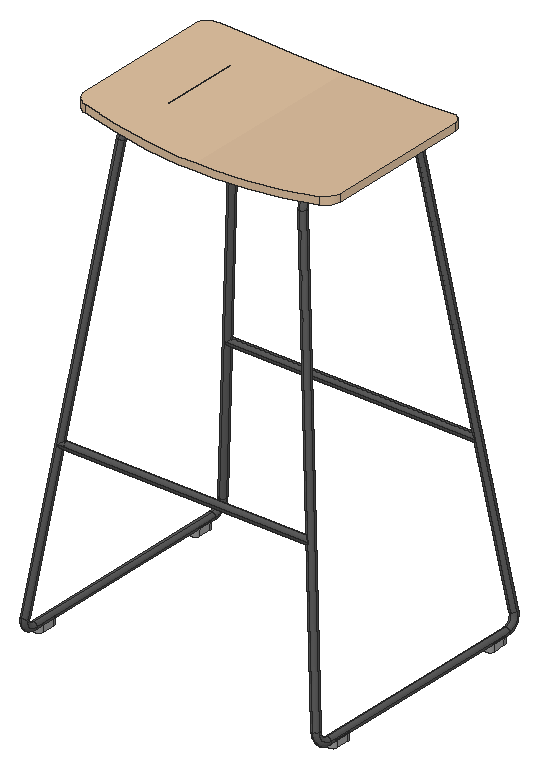
Revit family "FU_Stool_Sandler_Tao 3-0", category Furniture, Revit 2020
Family settings
  OmniClass Number = 23.40.20.00
  OmniClass Title = General Furniture and Specialties
  Work Plane-Based = No
  Always vertical = Yes
  Cut with Voids When Loaded = No
  Shared = No
  Room Calculation Point = No
Parameters (values of type "Tao 3.0")
  Width = 500 mm
  URL = "https://www.sandlerseating.com/product/tao-3-0/"
  Seat [instance] = Wood - Oak - Natural - V
  Model = "Tao 3.0"
  Manufacturer = "Sandler"
  Height = 780 mm
  Frame [instance] = Epoxy - M1_B00 - Black
  Description = "Barstool with steel frame finished in lacquer or chrome, and concave seat in lacquered or stained beech, or solid oak."
  Depth = 420 mm
  Default Elevation = 0 mm
Reference planes
  plane 1 "Center (Front/Back)": y = 0
  plane 2: z = 0
  plane 3 "Center (Left/Right)": x = 0
  plane 4 "Right": x = -250
  plane 5 "Left": x = 250
  plane 6 "Back": y = 210
  plane 7 "Front": y = -210
  plane 8 "Height": z = 780
  plane 9 "Frame C Base": z = 12.098
  plane 10 "FL C FRONT": through (242.5, -1524, 12.098) normal (-0.9919, 0, -0.1272)
  plane 11 "Seat Base": z = 753.407
  plane 12 "BS C TOP": y = 172.622
  plane 13 "FS C TOP": y = -172.622
Forms (mm)
  Sweep 1, solid, material "Wood - Oak - Natural - V" <- "Seat"
    path origin (0, 0, 753.407) x (-1, 0, 0) y (0, -1, 0)
      loop
        line (0, 165) -> (0, -165)
    profile "Pro_Tao_Seat : Pro_Tao_Seat" origin (0, 0, 753.407) x (-1, 0, 0) y (0, 0, 1)
      loop
        line (-231.362, 30.582) -> (-231.362, 18.333)
        arc (-231.362, 18.333) -> (0, 0) -> (231.362, 18.334) r 1469.024
        line (231.362, 18.334) -> (231.362, 30.582)
        arc (231.362, 30.582) -> (0, 12.103) -> (-231.362, 30.582) r 1457.593
  Sweep 2, solid, material "Epoxy - M1_B00 - Black" <- "Frame"
    path origin (240.105, 0, 30.78) x (0.127155, 0, -0.991883) y (0, -1, 0)
      loop
        arc (18.812, 183.962) -> (12.073, 198.933) -> (-3.601, 203.816) r 20
        line (-3.601, 203.816) -> (-710.933, 117.844)
        arc (-710.933, 117.844) -> (-723.491, 111.252) -> (-728.52, 97.99) r 20
        line (-728.52, 97.99) -> (-728.52, -97.99)
        arc (-728.52, -97.99) -> (-723.491, -111.252) -> (-710.933, -117.844) r 20
        line (-710.933, -117.844) -> (-3.601, -203.816)
        arc (-3.601, -203.816) -> (12.073, -198.933) -> (18.812, -183.962) r 20
        line (18.812, -183.962) -> (18.812, 183.962)
    profile "Pro_Circles : 12mm" origin (242.497, 0, 12.121) x (0.127155, 0, -0.991883) y (-0.991883, 0, -0.127155)
      loop
        arc (-5.967, 0.067) -> (-4.287, -4.192) -> (-0.067, -5.967) r 5.901
        arc (-0.067, -5.967) -> (4.24, -4.24) -> (5.967, 0.067) r 5.902
        arc (5.967, 0.067) -> (4.192, 4.286) -> (-0.067, 5.967) r 5.901
        arc (-0.067, 5.967) -> (-4.238, 4.238) -> (-5.967, 0.067) r 5.9
  Sweep 3, solid, material "Epoxy - M1_B00 - Black" <- "Frame"
    path origin (-240.105, 0, 30.78) x (-0.127155, 0, -0.991883) y (0, 1, 0)
      loop
        line (18.812, -183.962) -> (18.812, 183.962)
        arc (18.812, 183.962) -> (12.073, 198.933) -> (-3.601, 203.816) r 20
        line (-3.601, 203.816) -> (-710.933, 117.844)
        arc (-710.933, 117.844) -> (-723.491, 111.252) -> (-728.52, 97.99) r 20
        line (-728.52, 97.99) -> (-728.52, -97.99)
        arc (-728.52, -97.99) -> (-723.491, -111.252) -> (-710.933, -117.844) r 20
        line (-710.933, -117.844) -> (-3.601, -203.816)
        arc (-3.601, -203.816) -> (12.073, -198.933) -> (18.812, -183.962) r 20
    profile "Pro_Circles : 12mm" origin (-242.497, 0, 12.121) x (0.127155, 0, 0.991883) y (0.991883, 0, -0.127155)
      loop
        arc (5.967, 0.067) -> (4.238, 4.238) -> (0.067, 5.967) r 5.9
        arc (0.067, 5.967) -> (-4.192, 4.286) -> (-5.967, 0.067) r 5.901
        arc (-5.967, 0.067) -> (-4.24, -4.24) -> (0.067, -5.967) r 5.902
        arc (0.067, -5.967) -> (4.287, -4.192) -> (5.967, 0.067) r 5.901
  Sweep 4, solid, material "Epoxy - M1_B00 - Black" <- "Frame"
    path origin (0, -172.622, 0) x (-1, 0, 0) y (0, 0, 1)
      loop
        line (-206, 289.461) -> (206, 289.461)
    profile "Pro_Circles : 12mm" origin (0, -172.622, 289.461) x (0, 0, -1) y (0, -1, 0)
      loop
        arc (-5.967, 0.067) -> (-4.287, -4.192) -> (-0.067, -5.967) r 5.901
        arc (-0.067, -5.967) -> (4.24, -4.24) -> (5.967, 0.067) r 5.902
        arc (5.967, 0.067) -> (4.192, 4.286) -> (-0.067, 5.967) r 5.901
        arc (-0.067, 5.967) -> (-4.238, 4.238) -> (-5.967, 0.067) r 5.9
  Sweep 5, solid, material "Epoxy - M1_B00 - Black" <- "Frame"
    path origin (0, 172.622, 0) x (-1, 0, 0) y (0, 0, 1)
      loop
        line (-206, 289.461) -> (206, 289.461)
    profile "Pro_Circles : 12mm" origin (0, 172.622, 289.461) x (0, 0, 1) y (0, 1, 0)
      loop
        arc (5.967, 0.067) -> (4.238, 4.238) -> (0.067, 5.967) r 5.9
        arc (0.067, 5.967) -> (-4.192, 4.286) -> (-5.967, 0.067) r 5.901
        arc (-5.967, 0.067) -> (-4.24, -4.24) -> (0.067, -5.967) r 5.902
        arc (0.067, -5.967) -> (4.287, -4.192) -> (5.967, 0.067) r 5.901
  Extrusion 6, void
    sketch origin (0, 0, 753.407) x (-1, 0, 0) y (0, -1, 0)
      loop
        arc (211.834, 118.431) -> (205.547, 131.753) -> (192.38, 138.358) r 22.57
        arc (192.38, 138.358) -> (0, 151.127) -> (-192.38, 138.358) r 1455.607
        arc (-192.38, 138.358) -> (-205.547, 131.753) -> (-211.834, 118.431) r 22.57
        line (-211.834, 118.431) -> (-211.834, -118.431)
        arc (-211.834, -118.431) -> (-205.547, -131.753) -> (-192.38, -138.358) r 22.57
        arc (-192.38, -138.358) -> (0, -151.127) -> (192.38, -138.358) r 1455.607
        arc (192.38, -138.358) -> (205.547, -131.753) -> (211.834, -118.431) r 22.57
        line (211.834, -118.431) -> (211.834, 118.431)
      loop
        line (250, -210) -> (250, 210) -> (-250, 210) -> (-250, -210) -> (250, -210)
    from -5 to 40
  Extrusion 7, solid, material "Rubber, Black"
    sketch origin (0, 0, 0) x (1, 0, 0) y (0, 1, 0)
      loop
        arc (-235, -151.025) -> (-242.5, -143.525) -> (-250, -151.025) r 7.5
        line (-250, -151.025) -> (-250, -171.39)
        arc (-250, -171.39) -> (-242.5, -178.89) -> (-235, -171.39) r 7.5
        line (-235, -171.39) -> (-235, -151.025)
    from 0 to 12
  Extrusion 8, solid, material "Rubber, Black"
    sketch origin (0, 0, 0) x (-1, 0, 0) y (0, -1, 0)
      loop
        line (-235, 151.025) -> (-235, 171.39)
        arc (-235, 171.39) -> (-242.5, 178.89) -> (-250, 171.39) r 7.5
        line (-250, 171.39) -> (-250, 151.025)
        arc (-250, 151.025) -> (-242.5, 143.525) -> (-235, 151.025) r 7.5
    from 0 to 12
  Extrusion 9, solid, material "Rubber, Black"
    sketch origin (0, 0, 0) x (1, 0, 0) y (0, 1, 0)
      loop
        line (-235, 151.025) -> (-235, 171.39)
        arc (-235, 171.39) -> (-242.5, 178.89) -> (-250, 171.39) r 7.5
        line (-250, 171.39) -> (-250, 151.025)
        arc (-250, 151.025) -> (-242.5, 143.525) -> (-235, 151.025) r 7.5
    from 0 to 12
  Extrusion 10, solid, material "Rubber, Black"
    sketch origin (0, 0, 0) x (-1, 0, 0) y (0, -1, 0)
      loop
        arc (-235, -151.025) -> (-242.5, -143.525) -> (-250, -151.025) r 7.5
        line (-250, -151.025) -> (-250, -171.39)
        arc (-250, -171.39) -> (-242.5, -178.89) -> (-235, -171.39) r 7.5
        line (-235, -171.39) -> (-235, -151.025)
    from 0 to 12
Cuts and joins
  Extrusion 6 cuts Sweep 1
Dimensions and locks
  equal spacing: plane 4 "Right", plane 3 "Center (Left/Right)", plane 5 "Left"
  "Width": plane 4 "Right" to plane 5 "Left"
  equal spacing: plane 6 "Back", plane 1 "Center (Front/Back)", plane 7 "Front"
  "Depth": plane 6 "Back" to plane 7 "Front"
  "Height": plane 8 "Height" to level
  plane 9 "Frame C Base" to level = 12.098 mm
  aligned and locked: level to plane 2
Automatic sketch dimensions
  Sweep 1 sketch curve to plane 3 "Center (Left/Right)" = 0 mm
  Sweep 1 sketch curve to plane 12 "BS C TOP" = 7.622 mm
  Sweep 1 sketch curve to plane 13 "FS C TOP" = 7.622 mm
  Sweep 2 sketch curve to plane 12 "BS C TOP" = 74.632 mm
  Sweep 2 sketch curve to plane 13 "FS C TOP" = 54.778 mm
  Sweep 2 sketch curve to Sweep 2 sketch curve = 17.587 mm  (x2)
  Sweep 2 sketch curve to plane 12 "BS C TOP" = 54.778 mm
  Sweep 2 sketch curve to Sweep 2 sketch curve = 20 mm
  plane 7 "Front" to Sweep 2 sketch curve = 6.184 mm
  Sweep 2 sketch curve to Sweep 2 sketch curve = 707.332 mm
  Sweep 2 sketch curve to plane 6 "Back" = 6.184 mm
  Sweep 2 sketch curve to Sweep 2 sketch curve = 0 mm
  Sweep 2 sketch curve to Sweep 2 sketch curve = 2.413 mm  (x2)
  plane 12 "BS C TOP" to Sweep 2 sketch curve = 11.34 mm
  Sweep 3 sketch curve to plane 12 "BS C TOP" = 74.632 mm
  Sweep 3 sketch curve to plane 13 "FS C TOP" = 54.778 mm
  Sweep 3 sketch curve to Sweep 3 sketch curve = 17.587 mm  (x2)
  Sweep 3 sketch curve to plane 12 "BS C TOP" = 54.778 mm
  Sweep 3 sketch curve to Sweep 3 sketch curve = 2.413 mm  (x3)
  plane 7 "Front" to Sweep 3 sketch curve = 6.184 mm
  Sweep 3 sketch curve to Sweep 3 sketch curve = 707.332 mm
  Sweep 3 sketch curve to plane 6 "Back" = 6.184 mm
  Sweep 3 sketch curve to Sweep 3 sketch curve = 0 mm
  plane 12 "BS C TOP" to Sweep 3 sketch curve = 11.34 mm
  Sweep 4 sketch curve to plane 5 "Left" = 44 mm
  plane 4 "Right" to Sweep 4 sketch curve = 44 mm
  Sweep 4 sketch curve to plane 9 "Frame C Base" = 277.364 mm
  plane 5 "Left" to Sweep 5 sketch curve = 44 mm
  Sweep 5 sketch curve to plane 4 "Right" = 44 mm
  plane 9 "Frame C Base" to Sweep 5 sketch curve = 277.364 mm
  Extrusion 6 sketch curve to plane 5 "Left" = 0 mm
  Extrusion 6 sketch curve to plane 3 "Center (Left/Right)" = 0 mm  (x2)
  Extrusion 6 sketch curve to plane 4 "Right" = 0 mm
  Extrusion 6 sketch curve to plane 6 "Back" = 0 mm
  Extrusion 6 sketch curve to plane 7 "Front" = 0 mm
  plane 5 "Left" to Extrusion 6 sketch curve = 38.166 mm
  Extrusion 6 sketch curve to Extrusion 6 sketch curve = 22.437 mm  (x3)
  Extrusion 6 sketch curve to plane 4 "Right" = 60.603 mm  (x2)
  plane 6 "Back" to Extrusion 6 sketch curve = 1094.48 mm
  Extrusion 6 sketch curve to plane 12 "BS C TOP" = 54.191 mm  (x2)
  Extrusion 6 sketch curve to Extrusion 6 sketch curve = 2.445 mm  (x4)
  Extrusion 6 sketch curve to plane 13 "FS C TOP" = 56.636 mm  (x2)
  Extrusion 6 sketch curve to plane 7 "Front" = 1094.48 mm
  Extrusion 6 sketch curve to Extrusion 6 sketch curve = 0 mm  (x2)
  Extrusion 7 sketch curve to plane 4 "Right" = 0 mm
  Extrusion 7 sketch curve to plane 13 "FS C TOP" = 1.232 mm
  Extrusion 7 sketch curve to Extrusion 7 sketch curve = 7.5 mm
  Extrusion 7 sketch curve to Extrusion 7 sketch curve = 20.364 mm
  Extrusion 8 sketch curve to plane 5 "Left" = 0 mm
  plane 13 "FS C TOP" to Extrusion 8 sketch curve = 1.232 mm
  Extrusion 8 sketch curve to plane 5 "Left" = 7.5 mm
  Extrusion 8 sketch curve to Extrusion 8 sketch curve = 20.364 mm
  Extrusion 9 sketch curve to plane 4 "Right" = 0 mm
  plane 12 "BS C TOP" to Extrusion 9 sketch curve = 1.232 mm
  plane 4 "Right" to Extrusion 9 sketch curve = 7.5 mm
  Extrusion 9 sketch curve to Extrusion 9 sketch curve = 20.364 mm
  Extrusion 10 sketch curve to plane 5 "Left" = 0 mm
  Extrusion 10 sketch curve to plane 12 "BS C TOP" = 1.232 mm
  Extrusion 10 sketch curve to Extrusion 10 sketch curve = 7.5 mm
  Extrusion 10 sketch curve to Extrusion 10 sketch curve = 20.364 mm
